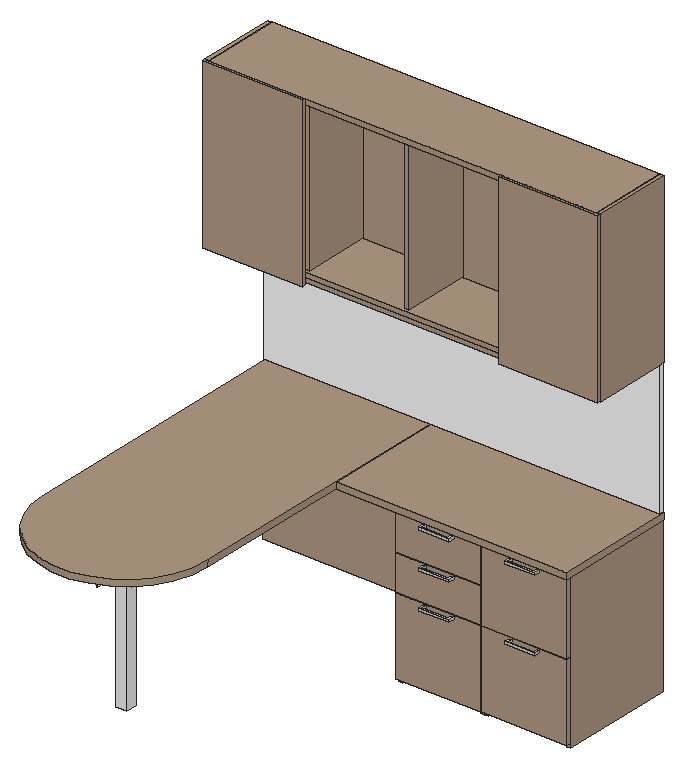
Revit family "T100059", category Furniture, Revit 2013
Parameters (values of type "T100059")
  Width = 72"
  URL = "http://www.ofsbrands.com/"
  Top Core Material = OFS BRANDS STACKS Top Core Wood
  Roll Material = OFS BRANDS STACKS Roll Plastic
  Pull Material = OFS BRANDS STACKS Pull Metal
  Model = "T100059"
  Manufacturer = "FIRST OFFICE"
  Lock Material = OFS BRANDS STACKSLock Metal
  Height = 84"
  Glides Material = OFS BRANDS STACKS Glide Plastic
  Feet Material = OFS BRANDS STACKS Feet Metal
  Drawer Front Material = OFS BRANDS STACKS Drawer Front Wood
  Description = "OFS BRANDS FIRST OFFICE STACKS TYPICAL T100059"
  Depth = 66"
  Cushion Material = OFS BRANDS STACKS Cushion Fabric
  Copyright © = "© 2018 OFS BRANDS"
  Conector Clip Material = OFS BRANDS STACKS Conector Clip Metal
  Chassis Material = OFS BRANDS STACKS Chassis Wood
  Catalog = "http://ofsbrands.com/products/casegoods/private-office/staks-private-office"
  Grommet  Material = OFS BRANDS STACKS Grommet Metal
  Back Coverage Material = OFS BRANDS STACKS Back Coverage Plastic
  Authoring Version = "Autodesk Revit Architecture 2013"
  Assembly Code = "E2020200"
Reference planes (in)
  plane 1 "Center (Front/Back)": y = 0
  plane 2: z = 0
  plane 3 "Center (Left/Right)": x = 0
Forms (in)
  Extrusion 1, solid, material "OFS BRANDS STACKS Top Core Wood" <- "Top Core Material"
    sketch origin (1.66257, -120.11051, 0) x (-1, 0, 0) y (0, -1, 0)
      loop
        line (37.66257, -153.11051) -> (37.66257, -102.11051)
        arc (37.66257, -102.11051) -> (22.66257, -87.11051) -> (7.66257, -102.11051) r 15
        line (7.66257, -102.11051) -> (7.66257, -153.11051) -> (37.66257, -153.11051)
    from 27.875 to 29.00005
  Extrusion 2, solid, material "OFS BRANDS STACKS Top Core Wood" <- "Top Core Material"
    sketch origin (1.66257, -120.11051, 0) x (-1, 0, 0) y (0, -1, 0)
      loop
        line (7.66257, -153.11051) -> (7.66257, -131.11051) -> (-34.33743, -131.11051) -> (-34.33743, -153.11051) -> (7.66257, -153.11051)
    from 27.875 to 29.00005
  Extrusion 3, solid, material "OFS BRANDS STACKS Back Coverage Plastic" <- "Back Coverage Material"
    sketch origin (-32.23609, 25.63634, 29.4745) x (1, 0, 0) y (0, 0, 1)
      loop
        line (68.23609, -0.2595) -> (68.23609, 23.9905) -> (-3.76391, 23.9905) -> (-3.76391, -0.2595) -> (68.23609, -0.2595)
    from -7.30019 to -6.55018
  Extrusion 4, solid, material "OFS BRANDS STACKS Back Coverage Plastic" <- "Back Coverage Material"
    sketch origin (-33.86496, -41.04752, 29.4745) x (0, -1, 0) y (0, 0, 1)
      loop
        line (-25.46717, -13.5995) -> (-25.46717, -1.8495) -> (-73.04752, -1.8495) -> (-73.04752, -13.5995) -> (-25.46717, -13.5995)
    from -5.88091 to -5.63091
  Extrusion 5, solid, material "OFS BRANDS STACKS Conector Clip Metal" <- "Conector Clip Material"
    sketch origin (-1.39843, -19.52719, 0) x (1, 0, 0) y (0, 0, 1)
      loop
        line (-25.33563, 27.625) -> (-25.33563, 27.875) -> (-26.21063, 27.875)
        arc (-26.21063, 27.875) -> (-26.4758, 27.76516) -> (-26.58563, 27.5) r 0.375
        line (-26.58563, 27.5) -> (-26.58563, 25.875) -> (-26.33563, 25.875) -> (-26.33563, 27.5)
        arc (-26.33563, 27.5) -> (-26.29902, 27.58839) -> (-26.21063, 27.625) r 0.125
        line (-26.21063, 27.625) -> (-25.33563, 27.625)
    from -9.38691 to -6.63691
  Extrusion 6, solid, material "OFS BRANDS STACKS Conector Clip Metal" <- "Conector Clip Material"
    sketch origin (-1.39843, 18.28906, 0) x (1, 0, 0) y (0, 0, 1)
      loop
        line (-25.33563, 27.625) -> (-25.33563, 27.875) -> (-26.21063, 27.875)
        arc (-26.21063, 27.875) -> (-26.4758, 27.76516) -> (-26.58563, 27.5) r 0.375
        line (-26.58563, 27.5) -> (-26.58563, 25.875) -> (-26.33563, 25.875) -> (-26.33563, 27.5)
        arc (-26.33563, 27.5) -> (-26.29902, 27.58839) -> (-26.21063, 27.625) r 0.125
        line (-26.21063, 27.625) -> (-25.33563, 27.625)
    from -9.38691 to -6.63691
  Extrusion 7, solid, material "OFS BRANDS STACKS Feet Metal" <- "Feet Material"
    sketch origin (-64.23709, 138.22845, 0) x (-1, 0, 0) y (0, -1, 0)
      loop
        line (-42.23709, 157.2286) -> (-44.23709, 157.2286) -> (-44.23709, 155.22846) -> (-42.23709, 155.22846) -> (-42.23709, 157.2286)
    from 0 to 27.6807
  Extrusion 8, solid, material "OFS BRANDS STACKS Feet Metal" <- "Feet Material"
    sketch origin (-64.23709, 138.22845, 27.625) x (-1, 0, 0) y (0, -1, 0)
      loop
        line (-40.98709, 158.47846) -> (-45.48709, 158.47846) -> (-45.48709, 153.97846) -> (-40.98709, 153.97846) -> (-40.98709, 158.47846)
    from 0 to 0.25
  Extrusion 9, solid, material "OFS BRANDS STACKS Chassis Wood" <- "Chassis Material"
    sketch origin (34.8125, 39.63476, 0) x (0, 1, 0) y (0, 0, -1)
      loop
        line (-6.63476, -53.465) -> (-20.88476, -53.465) -> (-20.88476, -84) -> (-6.63476, -84) -> (-6.63476, -53.465)
    from -1.1875 to -0.4375
  Extrusion 10, solid, material "OFS BRANDS STACKS Chassis Wood" <- "Chassis Material"
    sketch origin (-18, 39.63476, 82.8125) x (1, 0, 0) y (0, -1, 0)
      loop
        line (-17.25, 6.63476) -> (53.25, 6.63476) -> (53.25, 20.88476) -> (-17.25, 20.88476) -> (-17.25, 6.63476)
    from -1.1875 to -0.125
  Extrusion 11, solid, material "OFS BRANDS STACKS Drawer Front Wood" <- "Drawer Front Material"
    sketch origin (-25.86764, 19.3075, -5.31245) x (-1, 0, 0) y (0, 0, 1)
      loop
        line (-61.80514, 89.24994) -> (-61.80514, 58.81245) -> (-43.68014, 58.81245) -> (-43.68014, 89.24994) -> (-61.80514, 89.24994)
    from -1.1175 to -0.5575
  Extrusion 12, solid, material "OFS BRANDS STACKS Drawer Front Wood" <- "Drawer Front Material"
    sketch origin (-79.61764, 19.3075, -5.31245) x (-1, 0, 0) y (0, 0, 1)
      loop
        line (-61.80514, 89.24994) -> (-61.80514, 58.81245) -> (-43.68014, 58.81245) -> (-43.68014, 89.24994) -> (-61.80514, 89.24994)
    from -1.1175 to -0.5575
  Extrusion 13, solid, material "OFS BRANDS STACKS Chassis Wood" <- "Chassis Material"
    sketch origin (-36.4375, 39.63476, 0) x (0, 1, 0) y (0, 0, -1)
      loop
        line (-6.63476, -53.465) -> (-20.88476, -53.465) -> (-20.88476, -84) -> (-6.63476, -84) -> (-6.63476, -53.465)
    from -1.1875 to -0.4375
  Extrusion 14, solid, material "OFS BRANDS STACKS Chassis Wood" <- "Chassis Material"
    sketch origin (-18, 39.63476, 54.3125) x (1, 0, 0) y (0, -1, 0)
      loop
        line (-17.25, 7.82226) -> (53.25, 7.82226) -> (53.25, 20.69476) -> (-17.25, 20.69476) -> (-17.25, 7.82226)
    from -1.1875 to -0.4375
  Extrusion 15, solid, material "OFS BRANDS STACKS Chassis Wood" <- "Chassis Material"
    sketch origin (-43.10734, 31.8125, 0) x (-1, 0, 0) y (0, 0, -1)
      loop
        line (-7.85734, -53.5) -> (-78.35734, -53.5) -> (-78.35734, -82.9375) -> (-7.85733, -82.9375) -> (-7.85734, -53.5)
    from -0.6875 to 0
  Extrusion 16, solid, material "OFS BRANDS STACKS Chassis Wood" <- "Chassis Material"
    sketch origin (17.25, 39.63476, 0) x (0, 1, 0) y (0, 0, -1)
      loop
        line (-7.82226, -55.5) -> (-20.00976, -55.5) -> (-20.00976, -82.9375) -> (-7.82226, -82.9375) -> (-7.82226, -55.5)
    from -1.1875 to -0.4375
  Extrusion 17, solid, material "OFS BRANDS STACKS Chassis Wood" <- "Chassis Material"
    sketch origin (-0.8125, 39.63476, 0) x (0, 1, 0) y (0, 0, -1)
      loop
        line (-7.82226, -55.5) -> (-20.00976, -55.5) -> (-20.00976, -82.9375) -> (-7.82226, -82.9375) -> (-7.82226, -55.5)
    from -1.1875 to -0.4375
  Extrusion 18, solid, material "OFS BRANDS STACKS Chassis Wood" <- "Chassis Material"
    sketch origin (-18.875, 39.63476, 0) x (0, 1, 0) y (0, 0, -1)
      loop
        line (-7.82226, -55.5) -> (-20.00976, -55.5) -> (-20.00976, -82.9375) -> (-7.82226, -82.9375) -> (-7.82226, -55.5)
    from -1.1875 to -0.4375
  Extrusion 19, solid, material "OFS BRANDS STACKS Conector Clip Metal" <- "Conector Clip Material"
    sketch origin (23.78848, 30.54866, 0) x (1, 0, 0) y (0, 1, 0)
      loop
        line (-31.96319, -13.58917) -> (-31.96319, -17.58917) -> (-27.96319, -17.58917) -> (-27.96319, -13.58917) -> (-31.96319, -13.58917)
    from 27.8125 to 27.875
  Extrusion 20, solid, material "OFS BRANDS STACKS Conector Clip Metal" <- "Conector Clip Material"
    sketch origin (23.94056, 45.19641, 0) x (1, 0, 0) y (0, 1, 0)
      loop
        line (-31.96319, -13.58917) -> (-31.96319, -17.58917) -> (-27.96319, -17.58917) -> (-27.96319, -13.58917) -> (-31.96319, -13.58917)
    from 27.8125 to 27.875
  Extrusion 21, solid, material "OFS BRANDS STACKS Chassis Wood" <- "Chassis Material"
    sketch origin (-43.10734, 19.5625, 0) x (-1, 0, 0) y (0, 0, -1)
      loop
        line (-7.85734, -53.5) -> (-78.35734, -53.5) -> (-78.35734, -54.75) -> (-7.85734, -54.75) -> (-7.85734, -53.5)
    from -0.75 to 0
  Extrusion 22, solid, material "OFS BRANDS STACKS Chassis Wood" <- "Chassis Material"
    sketch origin (34.8125, 39.63476, -56.125) x (0, 1, 0) y (0, 0, -1)
      loop
        line (-6.75976, -56.125) -> (-27.75976, -56.125) -> (-27.75976, -84) -> (-6.75976, -84) -> (-6.75976, -56.125)
    from -1.1875 to -0.4375
  Extrusion 23, solid, material "OFS BRANDS STACKS Chassis Wood" <- "Chassis Material"
    sketch origin (19.93749, 39.63476, -56.125) x (0, 1, 0) y (0, 0, -1)
      loop
        line (-6.75976, -56.125) -> (-27.75976, -56.125) -> (-27.75976, -84) -> (-6.75976, -84) -> (-6.75976, -56.125)
    from -1.1875 to -0.4375
  Extrusion 24, solid, material "OFS BRANDS STACKS Chassis Wood" <- "Chassis Material"
    sketch origin (19.18749, 39.63476, -56.125) x (0, 1, 0) y (0, 0, -1)
      loop
        line (-6.75976, -56.125) -> (-27.75976, -56.125) -> (-27.75976, -84) -> (-6.75976, -84) -> (-6.75976, -56.125)
    from -1.1875 to -0.4375
  Extrusion 25, solid, material "OFS BRANDS STACKS Chassis Wood" <- "Chassis Material"
    sketch origin (4.31249, 39.63476, -56.125) x (0, 1, 0) y (0, 0, -1)
      loop
        line (-6.75976, -56.125) -> (-27.75976, -56.125) -> (-27.75976, -84) -> (-6.75976, -84) -> (-6.75976, -56.125)
    from -1.1875 to -0.4375
  Extrusion 26, solid, material "OFS BRANDS STACKS Chassis Wood" <- "Chassis Material"
    sketch origin (-43.10734, 31.8125, -52.91) x (-1, 0, 0) y (0, 0, -1)
      loop
        line (-7.10734, -52.91) -> (-37.10733, -52.91) -> (-37.10733, -80.78499) -> (-7.10733, -80.78499) -> (-7.10734, -52.91)
    from -1.18749 to -0.1875
  Extrusion 27, solid, material "OFS BRANDS STACKS Chassis Wood" <- "Chassis Material"
    sketch origin (-1.60734, 31.8125, -52.91) x (-1, 0, 0) y (0, 0, -1)
      loop
        line (-7.10734, -53.41) -> (-21.23234, -53.41) -> (-21.23234, -57.41) -> (-7.10733, -57.41) -> (-7.10734, -53.41)
    from -1.18749 to -0.4375
  Extrusion 28, solid, material "OFS BRANDS STACKS Chassis Wood" <- "Chassis Material"
    sketch origin (-1.60734, 31.8125, -32.65999) x (-1, 0, 0) y (0, 0, -1)
      loop
        line (-7.10734, -53.41) -> (-21.23234, -53.41) -> (-21.23234, -57.41) -> (-7.10733, -57.41) -> (-7.10734, -53.41)
    from -1.18749 to -0.4375
  Extrusion 29, solid, material "OFS BRANDS STACKS Chassis Wood" <- "Chassis Material"
    sketch origin (-18, 39.63476, -1.6875) x (1, 0, 0) y (0, -1, 0)
      loop
        line (39.12499, 22.91601) -> (53.25, 22.91601) -> (53.25, 26.91601) -> (39.12499, 26.91601) -> (39.12499, 22.91601)
    from -2.9375 to -2.1875
  Extrusion 30, solid, material "OFS BRANDS STACKS Chassis Wood" <- "Chassis Material"
    sketch origin (-18, 55.04101, -1.6875) x (1, 0, 0) y (0, -1, 0)
      loop
        line (39.12499, 22.91601) -> (53.25, 22.91601) -> (53.25, 26.91601) -> (39.12499, 26.91601) -> (39.12499, 22.91601)
    from -2.9375 to -2.1875
  Extrusion 31, solid, material "OFS BRANDS STACKS Drawer Front Wood" <- "Drawer Front Material"
    sketch origin (-28.13171, 12.4325, -12.50272) x (-1, 0, 0) y (0, 0, 1)
      loop
        line (-64.06921, 27.25267) -> (-64.06921, 13.25272) -> (-48.56921, 13.25272) -> (-48.56921, 27.25267) -> (-64.06921, 27.25267)
    from -1.3075 to -0.5575
  Extrusion 32, solid, material "OFS BRANDS STACKS Pull Metal" <- "Pull Material"
    sketch origin (-8.96626, -17.93171, -14.9433) x (-1, 0, 0) y (0, -1, 0)
      loop
        line (-39.49751, -29.05671) -> (-39.49751, -28.24421) -> (-34.81189, -28.24421) -> (-34.81189, -29.05671) -> (-34.43501, -29.05671) -> (-34.43501, -28.05671) -> (-39.87251, -28.05671) -> (-39.87251, -29.05671) -> (-39.49751, -29.05671)
    from 28.9745 to 29.4433
  Extrusion 33, solid, material "OFS BRANDS STACKS Drawer Front Wood" <- "Drawer Front Material"
    sketch origin (-28.13171, 12.4325, 0.62228) x (-1, 0, 0) y (0, 0, 1)
      loop
        line (-64.06921, 27.25267) -> (-64.06921, 14.25267) -> (-48.56921, 14.25267) -> (-48.56921, 27.25267) -> (-64.06921, 27.25267)
    from -1.3075 to -0.5575
  Extrusion 34, solid, material "OFS BRANDS STACKS Pull Metal" <- "Pull Material"
    sketch origin (-8.96626, -17.93171, -1.8183) x (-1, 0, 0) y (0, -1, 0)
      loop
        line (-39.49751, -29.05671) -> (-39.49751, -28.24421) -> (-34.81189, -28.24421) -> (-34.81189, -29.05671) -> (-34.43501, -29.05671) -> (-34.43501, -28.05671) -> (-39.87251, -28.05671) -> (-39.87251, -29.05671) -> (-39.49751, -29.05671)
    from 28.9745 to 29.4433
  Extrusion 35, solid, material "OFS BRANDS STACKS Drawer Front Wood" <- "Drawer Front Material"
    sketch origin (-43.75671, 12.4325, -12.50272) x (-1, 0, 0) y (0, 0, 1)
      loop
        line (-64.06921, 27.25267) -> (-64.06921, 13.25272) -> (-48.56921, 13.25272) -> (-48.56921, 27.25267) -> (-64.06921, 27.25267)
    from -1.3075 to -0.5575
  Extrusion 36, solid, material "OFS BRANDS STACKS Pull Metal" <- "Pull Material"
    sketch origin (-24.59126, -17.93171, -14.9433) x (-1, 0, 0) y (0, -1, 0)
      loop
        line (-39.49751, -29.05671) -> (-39.49751, -28.24421) -> (-34.81189, -28.24421) -> (-34.81189, -29.05671) -> (-34.43501, -29.05671) -> (-34.43501, -28.05671) -> (-39.87251, -28.05671) -> (-39.87251, -29.05671) -> (-39.49751, -29.05671)
    from 28.9745 to 29.4433
  Extrusion 37, solid, material "OFS BRANDS STACKS Drawer Front Wood" <- "Drawer Front Material"
    sketch origin (-43.75671, 12.4325, 0.62228) x (-1, 0, 0) y (0, 0, 1)
      loop
        line (-64.06921, 27.25267) -> (-64.06921, 20.75267) -> (-48.56921, 20.75267) -> (-48.56921, 27.25267) -> (-64.06921, 27.25267)
    from -1.3075 to -0.5575
  Extrusion 38, solid, material "OFS BRANDS STACKS Pull Metal" <- "Pull Material"
    sketch origin (-24.59126, -17.93171, -1.8183) x (-1, 0, 0) y (0, -1, 0)
      loop
        line (-39.49751, -29.05671) -> (-39.49751, -28.24421) -> (-34.81189, -28.24421) -> (-34.81189, -29.05671) -> (-34.43501, -29.05671) -> (-34.43501, -28.05671) -> (-39.87251, -28.05671) -> (-39.87251, -29.05671) -> (-39.49751, -29.05671)
    from 28.9745 to 29.4433
  Extrusion 39, solid, material "OFS BRANDS STACKS Drawer Front Wood" <- "Drawer Front Material"
    sketch origin (-43.75671, 12.4325, -6.00282) x (-1, 0, 0) y (0, 0, 1)
      loop
        line (-64.06921, 27.25267) -> (-64.06921, 20.87777) -> (-48.56921, 20.87777) -> (-48.56921, 27.25267) -> (-64.06921, 27.25267)
    from -1.3075 to -0.5575
  Extrusion 40, solid, material "OFS BRANDS STACKS Pull Metal" <- "Pull Material"
    sketch origin (-24.59126, -17.93171, -8.4434) x (-1, 0, 0) y (0, -1, 0)
      loop
        line (-39.49751, -29.05671) -> (-39.49751, -28.24421) -> (-34.81189, -28.24421) -> (-34.81189, -29.05671) -> (-34.43501, -29.05671) -> (-34.43501, -28.05671) -> (-39.87251, -28.05671) -> (-39.87251, -29.05671) -> (-39.49751, -29.05671)
    from 28.9745 to 29.4433
  Extrusion 41, solid, material "OFS BRANDS STACKS Chassis Wood" <- "Chassis Material"
    sketch origin (-18, 39.63476, 24.9375) x (1, 0, 0) y (0, -1, 0)
      loop
        line (39.12499, 20.75976) -> (53.25, 20.75976) -> (53.25, 24.75976) -> (39.12499, 24.75976) -> (39.12499, 20.75976)
    from -2.9375 to -2.1875
  Extrusion 42, solid, material "OFS BRANDS STACKS Chassis Wood" <- "Chassis Material"
    sketch origin (-18, 55.04101, 24.9375) x (1, 0, 0) y (0, -1, 0)
      loop
        line (39.12499, 25.16596) -> (53.25, 25.16596) -> (53.25, 29.16596) -> (39.12499, 29.16596) -> (39.12499, 25.16596)
    from -2.9375 to -2.1875
  Extrusion 43, solid, material "OFS BRANDS STACKS Chassis Wood" <- "Chassis Material"
    sketch origin (58.74999, 39.63476, -1.6875) x (1, 0, 0) y (0, -1, 0)
      loop
        line (-39.12499, 22.91601) -> (-39.12499, 26.91601) -> (-53.25, 26.91601) -> (-53.25, 22.91601) -> (-39.12499, 22.91601)
    from -2.9375 to -2.1875
  Extrusion 44, solid, material "OFS BRANDS STACKS Chassis Wood" <- "Chassis Material"
    sketch origin (58.74999, 55.04101, -1.6875) x (1, 0, 0) y (0, -1, 0)
      loop
        line (-39.12499, 22.91601) -> (-39.12499, 26.91601) -> (-53.25, 26.91601) -> (-53.25, 22.91601) -> (-39.12499, 22.91601)
    from -2.9375 to -2.1875
  Extrusion 45, solid, material "OFS BRANDS STACKS Chassis Wood" <- "Chassis Material"
    sketch origin (58.74999, 39.63476, 24.9375) x (1, 0, 0) y (0, -1, 0)
      loop
        line (-39.12499, 20.75976) -> (-39.12499, 24.75976) -> (-53.25, 24.75976) -> (-53.25, 20.75976) -> (-39.12499, 20.75976)
    from -2.9375 to -2.1875
  Extrusion 46, solid, material "OFS BRANDS STACKS Chassis Wood" <- "Chassis Material"
    sketch origin (58.74999, 55.04101, 24.9375) x (1, 0, 0) y (0, -1, 0)
      loop
        line (-39.12499, 25.16596) -> (-39.12499, 29.16596) -> (-53.25, 29.16596) -> (-53.25, 25.16596) -> (-39.12499, 25.16596)
    from -2.9375 to -2.1875
Dimensions and locks (in)
  aligned and locked: level to plane 2
